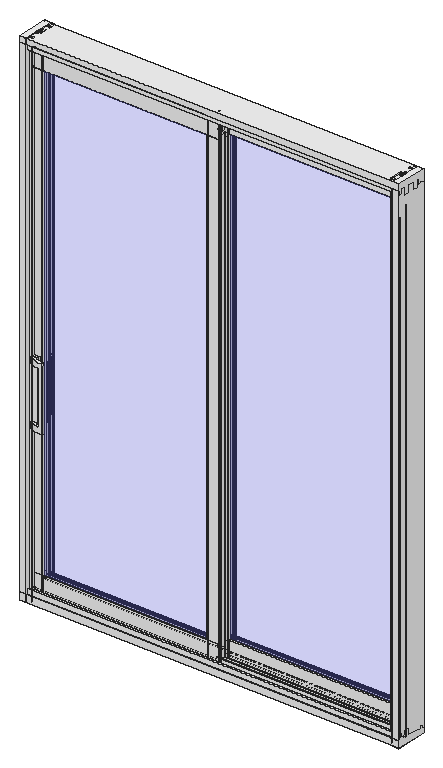
Revit family "Patio-Door_Victorian_OX-Double-Glaze-rev3_Novatech", category Doors, host Wall, Revit 2026
Family settings
  Host = Wall
  Classification Number = 23.30.10.00
  Always vertical = Yes
  Cut with Voids When Loaded = No
  Shared = No
  Room Calculation Point = No
Parameters (values of type "71 1/2"W x 95 1/2"H")
  Width Sash X = (Width / 2) - 3/16"  # 35 9/16"
  Width Sash O = (Width / 2) - 3/16"  # 35 9/16"
  Specification = "https://www.arcat.com/company/novatech-group-51586/spec"
  Product Page URL = "https://www.arcat.com/arcatcos/cos51/arc51586.html"
  Model_Sash to Reference Line = (Width - 2 81/128") / 2  # 34 111/256"
  View Handle = yes
  URL = "https://www.groupenovatech.com/en_canada_ontario/products/patio‐doors/victorian‐pvc.html"
  Thickness = 5 7/8"
  Rough Width = Width + 1/2"  # 72"
  Rough Height = Height + 1/2"  # 96"
  Panel Material = Glass
  Model = "Victorian"
  Manufacturer = "Novatech"
  Look Handle = yes
  Keynote = "08 32 00"
  Height Sash X = Height - 3 3/4"  # 91 3/4"
  Height Sash O = Height - 3 3/4"  # 91 3/4"
  Hardware Material = Aluminum
  Handle Height = 38"
  Function = Interior
  Height = 95 1/2"
  Wall Closure = By host
  Width = 71 1/2"
  Frame Material = Aluminum
  Define Thermal Properties by = Schematic Type
  Copyright = "ARCAT"
  CAD Details = "https://www.arcat.com/company/novatech-group-51586/cad"
  Analytic Construction = "<None>"
Reference planes (in)
  plane 1 "Center (Front/Back)": y = 0
  plane 2 "Center (Left/Right)": x = 0
  plane 3 "Left": x = -35.75
  plane 4 "Right": x = 35.75
  plane 5 "Top": z = 95.5
  plane 6 "Exterior": y = 3
  plane 7 "Interior": y = -3
  plane 8 "Panel 1": y = 0.87562
  plane 9 "Panel 2": y = -1.25339
  plane 10: x = -34.43359
  plane 11: z = 1.8146
  plane 12: z = 93.5646
  plane 13: z = 39.8146
  plane 14: x = 34.43359
  plane 15 "Panel 3": y = 2.75039
Text (in)
  text "Exterior" at (-74.96733, 27.31104, 0), in view "Ref. Level"
  text "Interior" at (-74.96733, -25.14366, 0), in view "Ref. Level"
  text "Exterior" at (0, 40.15149, 123.01588), in view "Right"
  text "Interior" at (0, -64.39139, 123.01588), in view "Right"
  text "Interior" at (0, -31.01599, 123.00693), in view "Left"
  text "Exterior" at (0, 54.57065, 123.00693), in view "Left"
Dimensions and locks (in)
  "Height": level to plane 5 "Top"
  "Width": plane 3 "Left" to plane 4 "Right"
  locked: level to plane 11 at 1.8146
  "Handle Height": plane 13 to plane 11
  plane 3 "Left" to plane 10 = 1 81/256"
  plane 14 to plane 4 "Right" = 1 81/256"
  plane 3 "Left" to plane 4 "Right" = 71 1/2"
  "Model_Sash to Reference Line": plane 10 to plane 2 "Center (Left/Right)"
  locked: plane 3 "Left" to nested 5 at 2.4902
  locked: plane 3 "Left" to nested 4 at 2.4902
  locked: nested 4 to plane 9 "Panel 2" at 0.82364
  locked: plane 9 "Panel 2" to nested 5 at 0.80136
  "Height Sash O": plane 12 to plane 11
  locked: plane 7 "Interior" to plane 9 "Panel 2" at 1.74661
  locked: plane 7 "Interior" to plane 8 "Panel 1" at 3.87562
  "Model_Sash to Reference Line": plane 2 "Center (Left/Right)" to plane 14
  equal spacing: plane 3 "Left", plane 2 "Center (Left/Right)", plane 4 "Right"
  aligned and locked: plane 6 "Exterior" to host wall
  aligned and locked: plane 7 "Interior" to host wall
  aligned and locked: plane 2 "Center (Left/Right)" to nested 1
  aligned and locked: plane 11 to nested 2
  aligned and locked: nested 2 to plane 9 "Panel 2"
  aligned and locked: nested 3 to plane 8 "Panel 1"
  aligned and locked: nested 2 to plane 10
  aligned and locked: nested 2 to plane 2 "Center (Left/Right)"
  aligned and locked: nested 3 to plane 2 "Center (Left/Right)"
  aligned and locked: nested 3 to plane 11
  aligned and locked: plane 12 to nested 2
Nested families (in)
  nested 1: "NOVATECH VICTORIAN_OX-DOUBLE GLAZE REV3_DOOR FRAME" at (0, 0, 0), type "DOOR FRAME"
    with Width 71 1/2"
  nested 2: "NOVATECH VICTORIAN_OX-DOUBLE GLAZE REV3_SASH_X" at (-17.2168, -0.44089, 13.36928), type "SASH_X"
    with Height 91 3/4", Width 34 111/256"
  nested 3: "NOVATECH VICTORIAN_OX-DOUBLE GLAZE REV3_SASH_O" at (17.2168, 1.68813, 1.8146), type "SASH_O"
    with Width 34 111/256"
  nested 4: "NOVATECH VICTORIAN_OX-DOUBLE GLAZE REV3_LOOK HANDLE" at (-33.2598, -2.08723, 29.8146), visible <- "Look Handle", type "LOOK HANDLE"
  nested 5: "NOVATECH VICTORIAN_OX-DOUBLE GLAZE REV3_VIEW HANDLE" at (-33.2598, -2.05475, 29.8146), visible <- "View Handle", type "VIEW HANDLE"
    with Handle Length 12"
Definition of nested family "NOVATECH VICTORIAN_OX-DOUBLE GLAZE REV3_DOOR FRAME"
  Parameters (values of type "NOVATECH_VICTORIAN_DOOR FRAME")
    Function = (empty or 0)
    Height = 95 1/2"
    Wall Closure = (empty or 0)
    Width = 95 27/32"
    Frame Thickness = 5.75039"
    Frame Material = none
    Define Thermal Properties by = 1
    Analytic Construction = "<None>"
  Reference planes (in)
    plane 1 "Center (Front/Back)": y = 0
    plane 2 "Center (Left/Right)": x = 0
    plane 3 "Left": x = -47.92188
    plane 4 "Right": x = 47.92187
    plane 5 "Top": z = 95.5
    plane 6 "Exterior": y = 4
    plane 7 "Interior": y = -4
    plane 8: y = -1.75039
  Lines and regions (in)
    Opening 1
      outline origin (-90, -4, 0) x (1, 0, 0) y (0, 0, 1)
        loop
          line (42.07812, 0) -> (137.92188, 0) -> (137.92188, 95.5) -> (42.07812, 95.5) -> (42.07812, 0)
  Text (in)
    text "Exterior" at (-74.96733, 27.31104, 0), in view "Ref. Level"
    text "Interior" at (-74.96733, -25.14366, 0), in view "Ref. Level"
    text "Exterior" at (0, 40.15149, 123.01588), in view "Right"
    text "Interior" at (0, -64.39139, 123.01588), in view "Right"
    text "Interior" at (0, -31.01599, 123.00693), in view "Left"
    text "Exterior" at (0, 54.57065, 123.00693), in view "Left"
  Dimensions and locks (in)
    equal spacing: plane 3 "Left", plane 2 "Center (Left/Right)", plane 4 "Right"
    "Height": level to plane 5 "Top"
    "Width": plane 3 "Left" to plane 4 "Right"
    aligned and locked: plane 3 "Left" to Opening 1 sketch curve
    aligned and locked: plane 5 "Top" to Opening 1 sketch curve  (x2)
    aligned and locked: Opening 1 sketch curve to plane 4 "Right"
    aligned and locked: Opening 1 sketch curve to level
    aligned and locked: plane 6 "Exterior" to host wall
    aligned and locked: plane 7 "Interior" to host wall
    aligned and locked: nested 1 to level
    aligned and locked: nested 1 to plane 3 "Left"
    aligned and locked: nested 1 to plane 7 "Interior"
    aligned and locked: plane 4 "Right" to nested 2
    aligned and locked: plane 7 "Interior" to nested 2
    aligned and locked: nested 3 to plane 5 "Top"
    aligned and locked: nested 4 to level
    aligned and locked: plane 7 "Interior" to nested 3
    aligned and locked: nested 4 to plane 7 "Interior"
    aligned and locked: nested 1 to plane 5 "Top"
    aligned and locked: plane 4 "Right" to nested 3
    aligned and locked: nested 3 to plane 3 "Left"
    aligned and locked: plane 4 "Right" to nested 4
    aligned and locked: plane 3 "Left" to nested 4
  Nested families (in)
    nested 1: "NOVATECH_VICTORIAN_FRAME_LEFT" at (-47.92188, -4, -8.5) x (0, 1, 0) z (0, 0, 1), type "NOVATECH_VICTORIAN_FRAME_LEFT"
      with Length 95 1/2"
    nested 2: "NOVATECH 650_2 LIGHT_DOOR FRAME_RIGHT1" at (47.92188, 1.875, 0) x (0, -1, 0) z (0, 0, 1), type "NOVATECH 650_2 LIGHT_DOOR FRAME_RIGHT 2"
    nested 3: "HEADER PROFILE" at (-47.92188, -3.8123, 95.5), type "HEADER PROFILE"
      with Length 95 27/32"
    nested 4: "NOVATECH_VICTORIAN_SILL PROFILE" at (47.92188, -4, 0) x (-1, 0, 0) z (0, 0, 1), type "SILL PROFILE"
      with built-in parameter 1001306 7.987 (stored number, unit not read)
  Definition of nested family "NOVATECH_VICTORIAN_FRAME_LEFT"
    Parameters (values of type "NOVATECH_VICTORIAN_FRAME_LEFT")
      Length [instance] = 95 1/2"
      Frame Material = none
      Default Elevation = 0"
    Reference planes (in)
      plane 1 "Center (Front/Back)": y = 0
      plane 2: z = 8.5
      plane 3 "Center (Left/Right)": x = 0
      plane 4: z = 104
    Forms (in)
      Extrusion 1, solid, material <- "Frame Material"
        sketch origin (0, 0, 8.5) x (1, 0, 0) y (0, 1, 0)
          loop
            line (5.875, 0) -> (0, 0) -> (0, -1.125) -> (0.58, -1.125) -> (0.58, -1.925) -> (0.865, -1.925) -> (0.865, -1.8475)
            arc (0.865, -1.8475) -> (0.84, -1.83173) -> (0.815, -1.8475) r 0.0277
            arc (0.815, -1.8475) -> (0.79527, -1.87482) -> (0.765, -1.86) r 0.02615
            line (0.765, -1.86) -> (0.765, -1.68)
            arc (0.765, -1.68) -> (0.79593, -1.66254) -> (0.815, -1.6925) r 0.02581
            arc (0.815, -1.6925) -> (0.84, -1.71029) -> (0.865, -1.6925) r 0.02646
            line (0.865, -1.6925) -> (0.865, -1.125) -> (2.22, -1.125) -> (2.22, -1.225) -> (2.31969, -1.225) -> (2.31969, -1.16729) -> (2.35053, -1.16729) -> (2.35053, -1.31703) -> (2.2574, -1.31703)
            arc (2.2574, -1.31703) -> (2.21826, -1.3303) -> (2.19526, -1.36463) r 0.06435
            arc (2.19526, -1.36463) -> (2.19104, -1.4065) -> (2.20061, -1.44748) r 0.1282
            arc (2.20061, -1.44748) -> (2.23511, -1.48877) -> (2.28665, -1.50423) r 0.0936
            line (2.28665, -1.50423) -> (2.4797, -1.50423)
            arc (2.4797, -1.50423) -> (2.53424, -1.4867) -> (2.56835, -1.44067) r 0.0936
            arc (2.56835, -1.44067) -> (2.57549, -1.40285) -> (2.57108, -1.36463) r 0.1282
            arc (2.57108, -1.36463) -> (2.54809, -1.3303) -> (2.50895, -1.31703) r 0.06435
            line (2.50895, -1.31703) -> (2.38053, -1.31703) -> (2.38053, -1.16729) -> (2.4525, -1.16729) -> (2.4525, -1.225) -> (2.56, -1.225) -> (2.56, -1.125) -> (2.63, -1.125) -> (2.63, -1.6925)
            arc (2.63, -1.6925) -> (2.655, -1.70907) -> (2.68, -1.6925) r 0.02715
            arc (2.68, -1.6925) -> (2.69908, -1.66256) -> (2.73, -1.68) r 0.02581
            line (2.73, -1.68) -> (2.73, -1.86)
            arc (2.73, -1.86) -> (2.69908, -1.87744) -> (2.68, -1.8475) r 0.02581
            arc (2.68, -1.8475) -> (2.655, -1.83034) -> (2.63, -1.8475) r 0.02679
            line (2.63, -1.8475) -> (2.63, -1.925) -> (3, -1.925) -> (3, -1.8475)
            arc (3, -1.8475) -> (2.975, -1.83034) -> (2.95, -1.8475) r 0.02679
            arc (2.95, -1.8475) -> (2.93092, -1.87744) -> (2.9, -1.86) r 0.02581
            line (2.9, -1.86) -> (2.9, -1.68)
            arc (2.9, -1.68) -> (2.93092, -1.66256) -> (2.95, -1.6925) r 0.02581
            arc (2.95, -1.6925) -> (2.975, -1.70907) -> (3, -1.6925) r 0.02715
            line (3, -1.6925) -> (3, -1.125) -> (3.07, -1.125) -> (3.07, -1.225) -> (3.16969, -1.225) -> (3.16969, -1.16729) -> (3.20053, -1.16729) -> (3.20053, -1.31703) -> (3.10933, -1.31703)
            arc (3.10933, -1.31703) -> (3.07019, -1.3303) -> (3.04719, -1.36463) r 0.06435
            arc (3.04719, -1.36463) -> (3.04279, -1.40285) -> (3.04993, -1.44067) r 0.1282
            arc (3.04993, -1.44067) -> (3.08403, -1.4867) -> (3.13858, -1.50423) r 0.0936
            line (3.13858, -1.50423) -> (3.33163, -1.50423)
            arc (3.33163, -1.50423) -> (3.38317, -1.48877) -> (3.41767, -1.44748) r 0.0936
            arc (3.41767, -1.44748) -> (3.42724, -1.4065) -> (3.42301, -1.36463) r 0.1282
            arc (3.42301, -1.36463) -> (3.40002, -1.3303) -> (3.36088, -1.31703) r 0.06435
            line (3.36088, -1.31703) -> (3.23053, -1.31703) -> (3.23053, -1.16729) -> (3.3025, -1.16729) -> (3.3025, -1.225) -> (3.41, -1.225) -> (3.41, -1.125) -> (4.765, -1.125) -> (4.765, -1.6925)
            arc (4.765, -1.6925) -> (4.79, -1.71029) -> (4.815, -1.6925) r 0.02646
            arc (4.815, -1.6925) -> (4.83407, -1.66254) -> (4.865, -1.68) r 0.02581
            line (4.865, -1.68) -> (4.865, -1.86)
            arc (4.865, -1.86) -> (4.83473, -1.87482) -> (4.815, -1.8475) r 0.02615
            arc (4.815, -1.8475) -> (4.79073, -1.83174) -> (4.76566, -1.8462) r 0.0277
            arc (4.76566, -1.8462) -> (4.76218, -1.86297) -> (4.75, -1.875) r 0.02958
            line (4.75, -1.875) -> (4.715, -1.875)
            arc (4.715, -1.875) -> (4.69942, -1.9) -> (4.715, -1.925) r 0.02785
            line (4.715, -1.925) -> (5.05, -1.925) -> (5.05, -1.125) -> (5.675, -1.125) -> (5.675, -1.75) -> (5.875, -1.75) -> (5.875, 0)
        from 0 to 95.5
    Dimensions and locks (in)
      "Length": plane 4 to plane 2
      aligned and locked: plane 4 to Extrusion 1
      aligned and locked: Extrusion 1 to plane 2
      aligned and locked: plane 2 to level
    Automatic sketch dimensions
      Extrusion 1 sketch curve to plane 3 "Center (Left/Right)" = 0"
      Extrusion 1 sketch curve to Extrusion 1 sketch curve = 0.02393"  (x2)
      Extrusion 1 sketch curve to Extrusion 1 sketch curve = 0.02467"  (x2)
      Extrusion 1 sketch curve to Extrusion 1 sketch curve = 0.05107"
      Extrusion 1 sketch curve to Extrusion 1 sketch curve = 0.05033"  (x2)
      Extrusion 1 sketch curve to Extrusion 1 sketch curve = 0.285"  (x2)
      Extrusion 1 sketch curve to Extrusion 1 sketch curve = 0.025"  (x7)
      Extrusion 1 sketch curve to Extrusion 1 sketch curve = 1.355"
      Extrusion 1 sketch curve to Extrusion 1 sketch curve = 0.0374"
      Extrusion 1 sketch curve to Extrusion 1 sketch curve = 0.02925"  (x8)
      Extrusion 1 sketch curve to Extrusion 1 sketch curve = 0.03233"  (x4)
      Extrusion 1 sketch curve to Extrusion 1 sketch curve = 0.09969"  (x2)
      Extrusion 1 sketch curve to Extrusion 1 sketch curve = 0.03156"
      Extrusion 1 sketch curve to Extrusion 1 sketch curve = 0.03"  (x2)
      Extrusion 1 sketch curve to Extrusion 1 sketch curve = 0.06684"
      Extrusion 1 sketch curve to Extrusion 1 sketch curve = 0.07197"  (x2)
      Extrusion 1 sketch curve to Extrusion 1 sketch curve = 0.1075"  (x2)
      Extrusion 1 sketch curve to Extrusion 1 sketch curve = 0.07"  (x2)
      Extrusion 1 sketch curve to Extrusion 1 sketch curve = 0.05034"  (x4)
      Extrusion 1 sketch curve to Extrusion 1 sketch curve = 0.02466"  (x3)
      Extrusion 1 sketch curve to Extrusion 1 sketch curve = 0.03933"
      Extrusion 1 sketch curve to Extrusion 1 sketch curve = 0.02962"
      Extrusion 1 sketch curve to Extrusion 1 sketch curve = 0.06877"
      Extrusion 1 sketch curve to Extrusion 1 sketch curve = 0.01227"  (x2)
      Extrusion 1 sketch curve to Extrusion 1 sketch curve = 0.0212"
      Extrusion 1 sketch curve to Extrusion 1 sketch curve = 5/8"  (x2)
      Extrusion 1 sketch curve to Extrusion 1 sketch curve = 0.06556"
      Extrusion 1 sketch curve to Extrusion 1 sketch curve = 0.06787"  (x2)
      Extrusion 1 sketch curve to Extrusion 1 sketch curve = 0.0076"  (x4)
      Extrusion 1 sketch curve to Extrusion 1 sketch curve = 0.01055"  (x2)
      Extrusion 1 sketch curve to Extrusion 1 sketch curve = 0.00963"  (x2)
      Extrusion 1 sketch curve to Extrusion 1 sketch curve = 0.01194"
      Extrusion 1 sketch curve to Extrusion 1 sketch curve = 0.155"  (x2)
      Extrusion 1 sketch curve to Extrusion 1 sketch curve = 0.0049"  (x2)
      Extrusion 1 sketch curve to Extrusion 1 sketch curve = 0.00493"  (x2)
      Extrusion 1 sketch curve to Extrusion 1 sketch curve = 0.00866"  (x2)
      Extrusion 1 sketch curve to Extrusion 1 sketch curve = 0.01058"  (x2)
      Extrusion 1 sketch curve to Extrusion 1 sketch curve = 0.00757"  (x2)
      Extrusion 1 sketch curve to Extrusion 1 sketch curve = 0.18827"  (x2)
      Extrusion 1 sketch curve to Extrusion 1 sketch curve = 0.0936"  (x3)
      Extrusion 1 sketch curve to Extrusion 1 sketch curve = 0.01238"  (x4)
      Extrusion 1 sketch curve to Extrusion 1 sketch curve = 0.06435"  (x3)
      Extrusion 1 sketch curve to Extrusion 1 sketch curve = 0"  (x4)
      Extrusion 1 sketch curve to Extrusion 1 sketch curve = 0.09203"  (x4)
      Extrusion 1 sketch curve to Extrusion 1 sketch curve = 0.05771"  (x4)
      Extrusion 1 sketch curve to Extrusion 1 sketch curve = 0.1"  (x6)
      Extrusion 1 sketch curve to Extrusion 1 sketch curve = 0.06213"  (x2)
      Extrusion 1 sketch curve to Extrusion 1 sketch curve = 0.05679"
      plane 1 "Center (Front/Back)" to Extrusion 1 sketch curve = 0"
      Extrusion 1 sketch curve to Extrusion 1 sketch curve = 0.58"
      Extrusion 1 sketch curve to Extrusion 1 sketch curve = 0.17"
      Extrusion 1 sketch curve to Extrusion 1 sketch curve = 1.29732"
      Extrusion 1 sketch curve to Extrusion 1 sketch curve = 0.0138"
      Extrusion 1 sketch curve to Extrusion 1 sketch curve = 0.0288"
      Extrusion 1 sketch curve to Extrusion 1 sketch curve = 0.04"
      Extrusion 1 sketch curve to Extrusion 1 sketch curve = 0.2"
      plane 1 "Center (Front/Back)" to Extrusion 1 sketch curve = 1 1/8"
      Extrusion 1 sketch curve to Extrusion 1 sketch curve = 0.04229"
      Extrusion 1 sketch curve to Extrusion 1 sketch curve = 0.555"  (x2)
      Extrusion 1 sketch curve to Extrusion 1 sketch curve = 0.15633"
      Extrusion 1 sketch curve to Extrusion 1 sketch curve = 0.00998"  (x2)
      Extrusion 1 sketch curve to Extrusion 1 sketch curve = 0.00062"
      Extrusion 1 sketch curve to Extrusion 1 sketch curve = 0.00472"  (x2)
      Extrusion 1 sketch curve to Extrusion 1 sketch curve = 0.02617"
      Extrusion 1 sketch curve to Extrusion 1 sketch curve = 0.0594"
      Extrusion 1 sketch curve to Extrusion 1 sketch curve = 0.02434"
  Definition of nested family "NOVATECH 650_2 LIGHT_DOOR FRAME_RIGHT1"
    Parameters (values of type "NOVATECH 650_2 LIGHT_DOOR FRAME_RIGHT")
      Length = 95 1/2"
      Frame Material = none
      Default Elevation = 0"
    Reference planes (in)
      plane 1 "Center (Front/Back)": y = 0
      plane 2: z = 0
      plane 3 "Center (Left/Right)": x = 0
      plane 4: z = 95.5
    Forms (in)
      Extrusion 1, solid, material <- "Frame Material"
        sketch origin (0, 0, 0) x (1, 0, 0) y (0, 1, 0)
          loop
            line (0, 0) -> (0, -1.75) -> (0.2, -1.75) -> (0.2, -1.125) -> (0.825, -1.125) -> (0.825, -1.925) -> (1.16, -1.925)
            arc (1.16, -1.925) -> (1.17558, -1.9) -> (1.16, -1.875) r 0.02785
            line (1.16, -1.875) -> (1.125, -1.875)
            arc (1.125, -1.875) -> (1.11281, -1.86297) -> (1.10934, -1.8462) r 0.02958
            arc (1.10934, -1.8462) -> (1.08427, -1.83174) -> (1.06, -1.8475) r 0.0277
            arc (1.06, -1.8475) -> (1.04027, -1.87482) -> (1.01, -1.86) r 0.02615
            line (1.01, -1.86) -> (1.01, -1.68)
            arc (1.01, -1.68) -> (1.04093, -1.66254) -> (1.06, -1.6925) r 0.02581
            arc (1.06, -1.6925) -> (1.085, -1.71029) -> (1.11, -1.6925) r 0.02646
            line (1.11, -1.6925) -> (1.11, -1.125) -> (2.465, -1.125) -> (2.465, -1.225) -> (2.5725, -1.225) -> (2.5725, -1.16729) -> (2.64447, -1.16729) -> (2.64447, -1.31703) -> (2.51411, -1.31703)
            arc (2.51411, -1.31703) -> (2.47498, -1.3303) -> (2.45198, -1.36463) r 0.06435
            arc (2.45198, -1.36463) -> (2.44776, -1.4065) -> (2.45732, -1.44748) r 0.1282
            arc (2.45732, -1.44748) -> (2.49183, -1.48877) -> (2.54337, -1.50423) r 0.0936
            line (2.54337, -1.50423) -> (2.73642, -1.50423)
            arc (2.73642, -1.50423) -> (2.79096, -1.4867) -> (2.82507, -1.44067) r 0.0936
            arc (2.82507, -1.44067) -> (2.83221, -1.40285) -> (2.8278, -1.36463) r 0.1282
            arc (2.8278, -1.36463) -> (2.8048, -1.3303) -> (2.76567, -1.31703) r 0.06435
            line (2.76567, -1.31703) -> (2.67447, -1.31703) -> (2.67447, -1.16729) -> (2.70531, -1.16729) -> (2.70531, -1.225) -> (2.805, -1.225) -> (2.805, -1.125) -> (2.875, -1.125) -> (2.875, -1.6925)
            arc (2.875, -1.6925) -> (2.9, -1.70907) -> (2.925, -1.6925) r 0.02715
            arc (2.925, -1.6925) -> (2.94408, -1.66256) -> (2.975, -1.68) r 0.02581
            line (2.975, -1.68) -> (2.975, -1.86)
            arc (2.975, -1.86) -> (2.94408, -1.87744) -> (2.925, -1.8475) r 0.02581
            arc (2.925, -1.8475) -> (2.9, -1.83034) -> (2.875, -1.8475) r 0.02679
            line (2.875, -1.8475) -> (2.875, -1.925) -> (3.245, -1.925) -> (3.245, -1.8475)
            arc (3.245, -1.8475) -> (3.22, -1.83034) -> (3.195, -1.8475) r 0.02679
            arc (3.195, -1.8475) -> (3.17592, -1.87744) -> (3.145, -1.86) r 0.02581
            line (3.145, -1.86) -> (3.145, -1.68)
            arc (3.145, -1.68) -> (3.17592, -1.66256) -> (3.195, -1.6925) r 0.02581
            arc (3.195, -1.6925) -> (3.22, -1.70907) -> (3.245, -1.6925) r 0.02715
            line (3.245, -1.6925) -> (3.245, -1.125) -> (3.315, -1.125) -> (3.315, -1.225) -> (3.4225, -1.225) -> (3.4225, -1.16729) -> (3.49447, -1.16729) -> (3.49447, -1.31703) -> (3.36605, -1.31703)
            arc (3.36605, -1.31703) -> (3.32691, -1.3303) -> (3.30391, -1.36463) r 0.06435
            arc (3.30391, -1.36463) -> (3.29951, -1.40285) -> (3.30664, -1.44067) r 0.1282
            arc (3.30664, -1.44067) -> (3.34075, -1.4867) -> (3.3953, -1.50423) r 0.0936
            line (3.3953, -1.50423) -> (3.58835, -1.50423)
            arc (3.58835, -1.50423) -> (3.63988, -1.48877) -> (3.67439, -1.44748) r 0.0936
            arc (3.67439, -1.44748) -> (3.68395, -1.4065) -> (3.67973, -1.36463) r 0.1282
            arc (3.67973, -1.36463) -> (3.65674, -1.3303) -> (3.6176, -1.31703) r 0.06435
            line (3.6176, -1.31703) -> (3.52447, -1.31703) -> (3.52447, -1.16729) -> (3.55531, -1.16729) -> (3.55531, -1.225) -> (3.655, -1.225) -> (3.655, -1.125) -> (5.01, -1.125) -> (5.01, -1.6925)
            arc (5.01, -1.6925) -> (5.035, -1.71029) -> (5.06, -1.6925) r 0.02646
            arc (5.06, -1.6925) -> (5.07907, -1.66254) -> (5.11, -1.68) r 0.02581
            line (5.11, -1.68) -> (5.11, -1.86)
            arc (5.11, -1.86) -> (5.07973, -1.87482) -> (5.06, -1.8475) r 0.02615
            arc (5.06, -1.8475) -> (5.035, -1.83173) -> (5.01, -1.8475) r 0.0277
            line (5.01, -1.8475) -> (5.01, -1.925) -> (5.295, -1.925) -> (5.295, -1.125) -> (5.875, -1.125) -> (5.875, 0) -> (0, 0)
          loop
            line (4.96515, -1.93418) -> (3.30015, -1.93418) -> (3.30015, -1.78418)
            arc (3.30015, -1.78418) -> (3.28149, -1.75641) -> (3.24873, -1.76317) r 0.03
            line (3.24873, -1.76317) -> (3.19131, -1.82169) -> (3.25515, -1.82169) -> (3.25515, -1.93996) -> (3.10858, -1.93356)
            arc (3.10858, -1.93356) -> (3.14407, -1.98804) -> (3.20556, -2.00918) r 0.1
            line (3.20556, -2.00918) -> (5.05973, -2.00918)
            arc (5.05973, -2.00918) -> (5.12122, -1.98804) -> (5.15671, -1.93356) r 0.1
            line (5.15671, -1.93356) -> (5.00218, -1.9403) -> (5.00218, -1.82096) -> (5.07326, -1.82096) -> (5.01656, -1.76317)
            arc (5.01656, -1.76317) -> (4.9838, -1.75641) -> (4.96515, -1.78418) r 0.03
            line (4.96515, -1.78418) -> (4.96515, -1.93418)
        from 0 to 95.5
    Dimensions and locks (in)
      "Length": plane 4 to level
      aligned and locked: plane 2 to level
      aligned and locked: Extrusion 1 to level
      aligned and locked: plane 4 to Extrusion 1
    Automatic sketch dimensions
      Extrusion 1 sketch curve to Extrusion 1 sketch curve = 0.2"
      Extrusion 1 sketch curve to Extrusion 1 sketch curve = 5/8"
      Extrusion 1 sketch curve to Extrusion 1 sketch curve = 0.185"
      Extrusion 1 sketch curve to Extrusion 1 sketch curve = 0.02393"  (x2)
      Extrusion 1 sketch curve to Extrusion 1 sketch curve = 0.02467"
      Extrusion 1 sketch curve to Extrusion 1 sketch curve = 0.05033"  (x2)
      Extrusion 1 sketch curve to Extrusion 1 sketch curve = 0.05107"
      Extrusion 1 sketch curve to Extrusion 1 sketch curve = 0.285"  (x2)
      Extrusion 1 sketch curve to Extrusion 1 sketch curve = 0.04"
      Extrusion 1 sketch curve to Extrusion 1 sketch curve = 0.0138"
      Extrusion 1 sketch curve to Extrusion 1 sketch curve = 0.02273"
      Extrusion 1 sketch curve to Extrusion 1 sketch curve = 0.01227"  (x2)
      Extrusion 1 sketch curve to Extrusion 1 sketch curve = 1.355"
      Extrusion 1 sketch curve to Extrusion 1 sketch curve = 0.04912"
      Extrusion 1 sketch curve to Extrusion 1 sketch curve = 0.02925"  (x6)
      Extrusion 1 sketch curve to Extrusion 1 sketch curve = 0.1075"  (x2)
      Extrusion 1 sketch curve to Extrusion 1 sketch curve = 0.03233"  (x4)
      Extrusion 1 sketch curve to Extrusion 1 sketch curve = 0.06877"
      Extrusion 1 sketch curve to Extrusion 1 sketch curve = 0.03"  (x3)
      Extrusion 1 sketch curve to Extrusion 1 sketch curve = 0.02962"
      Extrusion 1 sketch curve to Extrusion 1 sketch curve = 0.03084"  (x2)
      Extrusion 1 sketch curve to Extrusion 1 sketch curve = 0.0912"
      Extrusion 1 sketch curve to Extrusion 1 sketch curve = 0.09969"
      Extrusion 1 sketch curve to Extrusion 1 sketch curve = 0.07"  (x2)
      Extrusion 1 sketch curve to Extrusion 1 sketch curve = 0"  (x5)
      Extrusion 1 sketch curve to Extrusion 1 sketch curve = 0.025"  (x5)
      Extrusion 1 sketch curve to Extrusion 1 sketch curve = 0.05034"  (x3)
      Extrusion 1 sketch curve to Extrusion 1 sketch curve = 0.02466"  (x3)
      plane 1 "Center (Front/Back)" to Extrusion 1 sketch curve = 1.93356"  (x2)
      Extrusion 1 sketch curve to Extrusion 1 sketch curve = 0.13358"
      Extrusion 1 sketch curve to Extrusion 1 sketch curve = 0.03642"
      plane 1 "Center (Front/Back)" to Extrusion 1 sketch curve = 1.82169"
      Extrusion 1 sketch curve to Extrusion 1 sketch curve = 0.02165"
      Extrusion 1 sketch curve to Extrusion 1 sketch curve = 0.09698"
      Extrusion 1 sketch curve to Extrusion 1 sketch curve = 0.02869"
      Extrusion 1 sketch curve to Extrusion 1 sketch curve = 0.37"
      Extrusion 1 sketch curve to Extrusion 1 sketch curve = 0.03944"
      plane 1 "Center (Front/Back)" to Extrusion 1 sketch curve = 1.76317"  (x2)
      Extrusion 1 sketch curve to Extrusion 1 sketch curve = 0.00373"
      plane 1 "Center (Front/Back)" to Extrusion 1 sketch curve = 1.93996"
      Extrusion 1 sketch curve to Extrusion 1 sketch curve = 0.01015"
      Extrusion 1 sketch curve to Extrusion 1 sketch curve = 0.02141"  (x2)
      Extrusion 1 sketch curve to Extrusion 1 sketch curve = 0.045"
      Extrusion 1 sketch curve to Extrusion 1 sketch curve = 0.05105"
      Extrusion 1 sketch curve to Extrusion 1 sketch curve = 0.07197"
      Extrusion 1 sketch curve to Extrusion 1 sketch curve = 0.03156"
      Extrusion 1 sketch curve to Extrusion 1 sketch curve = 0.09313"
      Extrusion 1 sketch curve to Extrusion 1 sketch curve = 0.0374"
      Extrusion 1 sketch curve to Extrusion 1 sketch curve = 1.3768"
      Extrusion 1 sketch curve to Extrusion 1 sketch curve = 0.00704"
      Extrusion 1 sketch curve to Extrusion 1 sketch curve = 0.01485"
      Extrusion 1 sketch curve to Extrusion 1 sketch curve = 1/128"
      Extrusion 1 sketch curve to Extrusion 1 sketch curve = 0.05755"
      Extrusion 1 sketch curve to Extrusion 1 sketch curve = 0.03826"
      Extrusion 1 sketch curve to Extrusion 1 sketch curve = 0.01281"
      Extrusion 1 sketch curve to Extrusion 1 sketch curve = 0.04672"
      Extrusion 1 sketch curve to Extrusion 1 sketch curve = 0.58"
      Extrusion 1 sketch curve to Extrusion 1 sketch curve = 0.06922"
      Extrusion 1 sketch curve to Extrusion 1 sketch curve = 0.03112"
      Extrusion 1 sketch curve to Extrusion 1 sketch curve = 0.00578"
      Extrusion 1 sketch curve to Extrusion 1 sketch curve = 0.00856"  (x2)
      Extrusion 1 sketch curve to Extrusion 1 sketch curve = 0.01496"
      Extrusion 1 sketch curve to Extrusion 1 sketch curve = 0.0383"
      Extrusion 1 sketch curve to Extrusion 1 sketch curve = 0.04918"
      Extrusion 1 sketch curve to Extrusion 1 sketch curve = 0.015"
      Extrusion 1 sketch curve to Extrusion 1 sketch curve = 0.065"
      Extrusion 1 sketch curve to Extrusion 1 sketch curve = 0.04975"
      Extrusion 1 sketch curve to Extrusion 1 sketch curve = 0.01556"
      Extrusion 1 sketch curve to Extrusion 1 sketch curve = 0.06787"
      Extrusion 1 sketch curve to Extrusion 1 sketch curve = 0.03543"
      Extrusion 1 sketch curve to Extrusion 1 sketch curve = 0.0076"  (x4)
      Extrusion 1 sketch curve to Extrusion 1 sketch curve = 0.01055"  (x2)
      Extrusion 1 sketch curve to Extrusion 1 sketch curve = 0.02617"
      Extrusion 1 sketch curve to Extrusion 1 sketch curve = 0.00963"  (x2)
      Extrusion 1 sketch curve to Extrusion 1 sketch curve = 0.01194"
      Extrusion 1 sketch curve to Extrusion 1 sketch curve = 0.02654"
      Extrusion 1 sketch curve to Extrusion 1 sketch curve = 0.175"
      Extrusion 1 sketch curve to Extrusion 1 sketch curve = 0.155"
      Extrusion 1 sketch curve to Extrusion 1 sketch curve = 0.07067"  (x2)
      Extrusion 1 sketch curve to Extrusion 1 sketch curve = 0.15633"
      Extrusion 1 sketch curve to Extrusion 1 sketch curve = 0.0049"  (x2)
      Extrusion 1 sketch curve to Extrusion 1 sketch curve = 0.00493"  (x2)
      Extrusion 1 sketch curve to Extrusion 1 sketch curve = 0.00866"  (x2)
      Extrusion 1 sketch curve to Extrusion 1 sketch curve = 0.01058"  (x2)
      Extrusion 1 sketch curve to Extrusion 1 sketch curve = 0.00757"  (x2)
      Extrusion 1 sketch curve to Extrusion 1 sketch curve = 0.18827"  (x2)
      Extrusion 1 sketch curve to Extrusion 1 sketch curve = 0.0936"  (x4)
      Extrusion 1 sketch curve to Extrusion 1 sketch curve = 0.01238"  (x4)
      Extrusion 1 sketch curve to Extrusion 1 sketch curve = 0.06435"  (x3)
      Extrusion 1 sketch curve to Extrusion 1 sketch curve = 0.09203"  (x4)
      Extrusion 1 sketch curve to Extrusion 1 sketch curve = 0.05771"  (x3)
      Extrusion 1 sketch curve to Extrusion 1 sketch curve = 0.555"  (x2)
      Extrusion 1 sketch curve to Extrusion 1 sketch curve = 0.1"  (x2)
      Extrusion 1 sketch curve to Extrusion 1 sketch curve = 1 1/8"
      Extrusion 1 sketch curve to Extrusion 1 sketch curve = 0.02607"
      Extrusion 1 sketch curve to Extrusion 1 sketch curve = 0.06213"  (x2)
      Extrusion 1 sketch curve to Extrusion 1 sketch curve = 0.0594"
      Extrusion 1 sketch curve to Extrusion 1 sketch curve = 0.05679"
      plane 3 "Center (Left/Right)" to Extrusion 1 sketch curve = 0"
  Definition of nested family "HEADER PROFILE"
    Parameters (values of type "HEADER PROFILE")
      Length [instance] = 12"
      Frame Material = none
      Default Elevation = 0"
    Reference planes (in)
      plane 1 "Center (Front/Back)": y = -0.1877
      plane 2: z = 0
      plane 3 "Center (Left/Right)": x = 0
      plane 4: x = 12
    Forms (in)
      Extrusion 1, solid, material <- "Frame Material"
        sketch origin (0, 0, -4.50465) x (0, 1, 0) y (0, 0, 1)
          loop
            line (5.68715, 4.50465) -> (-0.1877, 4.50465) -> (-0.1877, 3.37965) -> (0.09225, 3.37965) -> (0.09225, 2.5047) -> (0.37723, 2.5047) -> (0.37723, 3.37965) -> (1.18488, 3.37965) -> (1.18488, 2.12465)
            arc (1.18488, 2.12465) -> (1.20829, 2.06813) -> (1.2648, 2.04473) r 0.07992
            line (1.2648, 2.04473) -> (1.8548, 2.04473)
            arc (1.8548, 2.04473) -> (1.91132, 2.06813) -> (1.93473, 2.12465) r 0.07992
            line (1.93473, 2.12465) -> (1.93473, 3.37965) -> (3.31973, 3.37965) -> (3.31973, 2.12465)
            arc (3.31973, 2.12465) -> (3.34314, 2.06813) -> (3.39965, 2.04473) r 0.07992
            line (3.39965, 2.04473) -> (4.01973, 2.04473)
            arc (4.01973, 2.04473) -> (4.07624, 2.06813) -> (4.09965, 2.12465) r 0.07992
            line (4.09965, 2.12465) -> (4.09965, 3.37965) -> (4.57715, 3.37965) -> (4.57715, 2.5047) -> (4.86212, 2.5047) -> (4.86212, 2.8847)
            arc (4.86212, 2.8847) -> (4.8797, 2.92713) -> (4.92212, 2.9447) r 0.06
            line (4.92212, 2.9447) -> (5.08212, 2.9447)
            arc (5.08212, 2.9447) -> (5.12455, 2.92713) -> (5.14212, 2.8847) r 0.06
            line (5.14212, 2.8847) -> (5.14212, 2.7272)
            arc (5.14212, 2.7272) -> (5.17462, 2.6947) -> (5.20712, 2.7272) r 0.0325
            line (5.20712, 2.7272) -> (5.20712, 2.8847)
            arc (5.20712, 2.8847) -> (5.2247, 2.92713) -> (5.26712, 2.9447) r 0.06
            line (5.26712, 2.9447) -> (5.42712, 2.9447)
            arc (5.42712, 2.9447) -> (5.46955, 2.92713) -> (5.48712, 2.8847) r 0.06
            line (5.48712, 2.8847) -> (5.48712, 2.5047) -> (5.68715, 2.5047) -> (5.68715, 4.50465)
        from 0 to 12
    Dimensions and locks (in)
      "Length": plane 3 "Center (Left/Right)" to plane 4
      aligned and locked: plane 2 to level
      aligned and locked: Extrusion 1 to plane 4
      aligned and locked: Extrusion 1 to plane 3 "Center (Left/Right)"
    Automatic sketch dimensions
      Extrusion 1 sketch curve to plane 1 "Center (Front/Back)" = 0"
      Extrusion 1 sketch curve to Extrusion 1 sketch curve = 0.27995"
      Extrusion 1 sketch curve to Extrusion 1 sketch curve = 0.28497"  (x2)
      Extrusion 1 sketch curve to Extrusion 1 sketch curve = 0.80765"
      Extrusion 1 sketch curve to Extrusion 1 sketch curve = 0.07992"  (x4)
      Extrusion 1 sketch curve to Extrusion 1 sketch curve = 0.59"
      Extrusion 1 sketch curve to Extrusion 1 sketch curve = 0.74985"
      Extrusion 1 sketch curve to Extrusion 1 sketch curve = 1.385"
      Extrusion 1 sketch curve to Extrusion 1 sketch curve = 0.62008"
      Extrusion 1 sketch curve to Extrusion 1 sketch curve = 0.4775"
      Extrusion 1 sketch curve to Extrusion 1 sketch curve = 0.06"  (x3)
      Extrusion 1 sketch curve to Extrusion 1 sketch curve = 0.16"  (x2)
      Extrusion 1 sketch curve to Extrusion 1 sketch curve = 0.0325"
      Extrusion 1 sketch curve to Extrusion 1 sketch curve = 0.28"
      Extrusion 1 sketch curve to Extrusion 1 sketch curve = 1.11"
      Extrusion 1 sketch curve to level = 2.45992"
      Extrusion 1 sketch curve to Extrusion 1 sketch curve = 0.38005"  (x3)
      Extrusion 1 sketch curve to Extrusion 1 sketch curve = 0.2225"
      Extrusion 1 sketch curve to Extrusion 1 sketch curve = 0.1575"
      Extrusion 1 sketch curve to Extrusion 1 sketch curve = 0"  (x3)
      Extrusion 1 sketch curve to Extrusion 1 sketch curve = 0.49495"
      Extrusion 1 sketch curve to Extrusion 1 sketch curve = 0.87495"
      Extrusion 1 sketch curve to level = 0"
  Definition of nested family "NOVATECH_VICTORIAN_SILL PROFILE"
    Parameters (values of type "SILL PROFILE")
      built-in parameter 1001306 [instance] = 54"
      Frame Material = none
      Default Elevation = 0"
    Reference planes (in)
      plane 1 "Center (Front/Back)": y = 0
      plane 2: z = 0
      plane 3 "Left": x = 0
      plane 4 "Right": x = 54
    Forms (in)
      Extrusion 1, solid, material <- "Frame Material"
        sketch origin (0, 0, 0) x (0, 1, 0) y (0, 0, 1)
          loop
            line (0, 0) -> (0, 1.3125) -> (-0.28, 1.3125) -> (-0.28, 2.2285) -> (-0.565, 2.2285) -> (-0.565, 1.70185) -> (-1.185, 1.61472) -> (-1.185, 1.53898) -> (-1.065, 1.55585) -> (-1.065, 1.31712) -> (-1.3725, 1.17268) -> (-1.3725, 2.31958) -> (-1.64081, 2.31958) -> (-1.66399, 2.36594)
            arc (-1.66399, 2.36594) -> (-1.74569, 2.58889) -> (-1.82197, 2.36403) r 0.12589
            line (-1.82197, 2.36403) -> (-1.85161, 2.31958) -> (-2.1225, 2.31958) -> (-2.1225, 1.41166) -> (-3.015, 1.28623) -> (-3.015, 1.20999) -> (-2.955, 1.21842) -> (-2.955, 1.13123) -> (-3.15, 1.13123) -> (-3.15, 1.26725) -> (-4.62, 1.06066) -> (-4.62, 0.90299) -> (-4.79, 0.90299) -> (-4.79, 0.9765) -> (-4.735, 0.98423) -> (-4.735, 1.0445) -> (-5.29832, 0.96533)
            arc (-5.29832, 0.96533) -> (-5.32218, 0.97239) -> (-5.3325, 0.99503) r 0.03
            line (-5.3325, 0.99503) -> (-5.3325, 1.3365)
            arc (-5.3325, 1.3365) -> (-5.3625, 1.44846) -> (-5.3925, 1.3365) r 0.06
            line (-5.3925, 1.3365) -> (-5.3925, 0.97817)
            arc (-5.3925, 0.97817) -> (-5.39986, 0.95849) -> (-5.41832, 0.94846) r 0.03
            line (-5.41832, 0.94846) -> (-5.80613, 0.89396)
            arc (-5.80613, 0.89396) -> (-5.85024, 0.75687) -> (-5.71535, 0.80729) r 0.08
            arc (-5.71535, 0.80729) -> (-5.70173, 0.83716) -> (-5.67252, 0.85215) r 0.05
            line (-5.67252, 0.85215) -> (-5.62, 0.85953) -> (-5.62, 0.81474)
            arc (-5.62, 0.81474) -> (-5.67126, 0.69099) -> (-5.795, 0.63974) r 0.175
            line (-5.795, 0.63974) -> (-5.875, 0.63974) -> (-5.875, 0) -> (0, 0)
        from 0 to 54
    Lines and regions (in)
      reference lines
        curve 1: line (0, 0, 0) -> (54, 0, 0)
    Dimensions and locks (in)
      "built-in parameter 1001306": plane 3 "Left" to plane 4 "Right"
      aligned and locked: plane 4 "Right" to curve 1
      aligned and locked: plane 1 "Center (Front/Back)" to curve 1
      aligned and locked: plane 3 "Left" to curve 1
      aligned and locked: level to plane 2
      aligned and locked: Extrusion 1 to curve 1
      aligned and locked: Extrusion 1 to plane 3 "Left"
    Automatic sketch dimensions
      Extrusion 1 sketch curve to Extrusion 1 sketch curve = 0"  (x2)
      level to Extrusion 1 sketch curve = 0.63974"
      plane 1 "Center (Front/Back)" to Extrusion 1 sketch curve = 5 7/8"
      level to Extrusion 1 sketch curve = 0.89396"
      Extrusion 1 sketch curve to Extrusion 1 sketch curve = 0.06887"
      Extrusion 1 sketch curve to Extrusion 1 sketch curve = 0.08"
      level to Extrusion 1 sketch curve = 0.85215"
      Extrusion 1 sketch curve to Extrusion 1 sketch curve = 0.12248"
      Extrusion 1 sketch curve to Extrusion 1 sketch curve = 0.00696"
      Extrusion 1 sketch curve to Extrusion 1 sketch curve = 0.04556"
      Extrusion 1 sketch curve to Extrusion 1 sketch curve = 0.1975"
      level to Extrusion 1 sketch curve = 0.94846"
      Extrusion 1 sketch curve to Extrusion 1 sketch curve = 0.00418"  (x2)
      Extrusion 1 sketch curve to Extrusion 1 sketch curve = 0.03"  (x3)
      Extrusion 1 sketch curve to Extrusion 1 sketch curve = 0.06"  (x2)
      level to Extrusion 1 sketch curve = 0.96533"
      Extrusion 1 sketch curve to Extrusion 1 sketch curve = 0.50832"
      Extrusion 1 sketch curve to Extrusion 1 sketch curve = 0.055"
      Extrusion 1 sketch curve to Extrusion 1 sketch curve = 0.115"
      level to Extrusion 1 sketch curve = 1.26725"
      Extrusion 1 sketch curve to Extrusion 1 sketch curve = 1.47"
      level to Extrusion 1 sketch curve = 1.28623"
      Extrusion 1 sketch curve to Extrusion 1 sketch curve = 0.135"
      level to Extrusion 1 sketch curve = 1.41166"
      Extrusion 1 sketch curve to Extrusion 1 sketch curve = 0.8325"
      level to Extrusion 1 sketch curve = 2.31958"
      Extrusion 1 sketch curve to Extrusion 1 sketch curve = 0.27089"
      level to Extrusion 1 sketch curve = 2.36403"
      Extrusion 1 sketch curve to Extrusion 1 sketch curve = 0.02964"
      Extrusion 1 sketch curve to Extrusion 1 sketch curve = 0.0778"
      level to Extrusion 1 sketch curve = 2.36594"
      Extrusion 1 sketch curve to Extrusion 1 sketch curve = 0.08018"
      Extrusion 1 sketch curve to Extrusion 1 sketch curve = 0.02318"
      Extrusion 1 sketch curve to Extrusion 1 sketch curve = 0.26831"
      level to Extrusion 1 sketch curve = 1.61472"
      Extrusion 1 sketch curve to Extrusion 1 sketch curve = 3/16"
      level to Extrusion 1 sketch curve = 1.55585"
      Extrusion 1 sketch curve to Extrusion 1 sketch curve = 0.12"
      Extrusion 1 sketch curve to Extrusion 1 sketch curve = 0.8075"
      Extrusion 1 sketch curve to Extrusion 1 sketch curve = 0.285"
      Extrusion 1 sketch curve to level = 0"
      Extrusion 1 sketch curve to Extrusion 1 sketch curve = 0.28"
      Extrusion 1 sketch curve to Extrusion 1 sketch curve = 0.0121"
      Extrusion 1 sketch curve to Extrusion 1 sketch curve = 0.04479"
      level to Extrusion 1 sketch curve = 0.90299"
      Extrusion 1 sketch curve to Extrusion 1 sketch curve = 0.07351"
      Extrusion 1 sketch curve to Extrusion 1 sketch curve = 0.00773"
      Extrusion 1 sketch curve to Extrusion 1 sketch curve = 0.06027"
      Extrusion 1 sketch curve to Extrusion 1 sketch curve = 0.01616"
      Extrusion 1 sketch curve to Extrusion 1 sketch curve = 0.15499"
      Extrusion 1 sketch curve to Extrusion 1 sketch curve = 0.44204"
      Extrusion 1 sketch curve to Extrusion 1 sketch curve = 0.07624"
      Extrusion 1 sketch curve to Extrusion 1 sketch curve = 0.00843"
      Extrusion 1 sketch curve to Extrusion 1 sketch curve = 0.24335"
      Extrusion 1 sketch curve to Extrusion 1 sketch curve = 0.23873"
      Extrusion 1 sketch curve to Extrusion 1 sketch curve = 0.34147"
      Extrusion 1 sketch curve to Extrusion 1 sketch curve = 0.05196"
      Extrusion 1 sketch curve to Extrusion 1 sketch curve = 0.07574"
      Extrusion 1 sketch curve to Extrusion 1 sketch curve = 0.38935"
      Extrusion 1 sketch curve to Extrusion 1 sketch curve = 0.52665"
      Extrusion 1 sketch curve to Extrusion 1 sketch curve = 0.04637"
Definition of nested family "NOVATECH VICTORIAN_OX-DOUBLE GLAZE REV3_SASH_X"
  Parameters (values of type "SASH_X")
    Width = 27 239/256"
    Panel Material = none
    Height [instance] = 64"
    Frame Material = none
    Default Elevation = 0"
  Reference planes (in)
    plane 1 "Center (Front/Back)": y = 0
    plane 2: z = -4.595
    plane 3 "Center (Left/Right)": x = 0
    plane 4: x = 13.9668
    plane 5: x = -13.9668
    plane 6: z = 80.19531
    plane 7: y = 0.8125
    plane 8: z = 16.19531
  Forms (in)
    Extrusion 1, solid, material <- "Panel Material"
      sketch origin (53.05518, -3.3181, -6.62158) x (1, 0, 0) y (0, 1, 0)
        loop
          line (-65.39698, 4.50367) -> (-65.39698, 3.75367) -> (-39.65088, 3.75367) -> (-39.65088, 4.50367) -> (-65.39698, 4.50367)
      from 25.2219 to 84.4119
  Dimensions and locks (in)
    "Height": plane 6 to plane 8
    "Width": plane 4 to plane 5
    equal spacing: plane 4, plane 3 "Center (Left/Right)", plane 5
    locked: plane 4 to nested 3 at 1.1875
    locked: Extrusion 1 sketch curve to Extrusion 1 sketch curve at 0.75
    locked: plane 1 "Center (Front/Back)" to plane 7 at 0.8125
    locked: plane 5 to Extrusion 1 at 1.625
    locked: Extrusion 1 to plane 4 at 0.5625
    locked: plane 6 to Extrusion 1 at 2.405
    locked: plane 4 to nested 4 at 1.1875
    locked: Extrusion 1 to plane 8 at 2.405
    nested 2 to plane 3 "Center (Left/Right)" = 15.1543"
    aligned and locked: plane 2 to level
    aligned and locked: nested 4 to plane 1 "Center (Front/Back)"
    aligned and locked: plane 5 to nested 3
    aligned and locked: nested 3 to plane 6
    aligned and locked: nested 2 to plane 8
    aligned and locked: nested 2 to plane 4
    aligned and locked: plane 1 "Center (Front/Back)" to nested 2
    aligned and locked: plane 5 to nested 4
    aligned and locked: nested 4 to plane 8
    aligned and locked: nested 1 to plane 5
    aligned and locked: plane 1 "Center (Front/Back)" to nested 1
    aligned and locked: nested 1 to plane 8
  Automatic sketch dimensions
    Extrusion 1 sketch curve to plane 1 "Center (Front/Back)" = 0.43557"
    plane 5 to Extrusion 1 sketch curve = 1 5/8"
    Extrusion 1 sketch curve to plane 4 = 9/16"
  Nested families (in)
    nested 1: "NOVATECH_VICTORIAN_SASH_X_LEFT" at (-13.9668, 1.625, 8.814) x (0, -1, 0) z (0, 0, 1), type "X_LEFT"
      with Length 64"
    nested 2: "NOVATECH_VICTORIAN_SASH_X_RIGHT" at (15.1543, 1.625, -1.05469) x (0, 1, 0) z (0, 0, 1), type "NOVATECH_650_2 LIGHT_SASH_X_RIGHT"
      with Length 64"
    nested 3: "NOVATECH_VICTORIAN_SASH_X_HEADER" at (-13.9668, 1.625, 77.07031), type "X_HEADER"
      with built-in parameter 1001306 2.4268 (stored number, unit not read)
    nested 4: "NOVATECH_VICTORIAN_SASH_X_SILL" at (15.1543, 1.625, 16.19531) x (-1, 0, 0) z (0, 0, 1), type "X_SILL"
      with built-in parameter 1001306 2.4268 (stored number, unit not read)
  Definition of nested family "NOVATECH_VICTORIAN_SASH_X_LEFT"
    Parameters (values of type "X_LEFT")
      Length = 94.17349"
      Frame Material = none
      Default Elevation = 0"
    Reference planes (in)
      plane 1 "Center (Front/Back)": y = 0
      plane 2: z = 7.38131
      plane 3 "Center (Left/Right)": x = 0
      plane 4: z = 101.5548
      plane 5: x = 1.65748
    Forms (in)
      Extrusion 1, solid, material <- "Frame Material"
        sketch origin (0, 0, 0) x (1, 0, 0) y (0, 1, 0)
          loop
            line (0, 2.22) -> (0, 0.125)
            arc (0, 0.125) -> (0.03661, 0.03661) -> (0.125, 0) r 0.125
            line (0.125, 0) -> (1.5, 0)
            arc (1.5, 0) -> (1.58839, 0.03661) -> (1.625, 0.125) r 0.125
            line (1.625, 0.125) -> (1.625, 2.22)
            arc (1.625, 2.22) -> (1.61621, 2.24121) -> (1.595, 2.25) r 0.03
            line (1.595, 2.25) -> (1.3625, 2.25) -> (1.3625, 2.185) -> (1.4325, 2.185) -> (1.4325, 1.975) -> (1.3625, 1.975) -> (1.3625, 1.91) -> (1.4325, 1.91) -> (1.4325, 1.625) -> (0.1925, 1.625) -> (0.1925, 1.91) -> (0.2625, 1.91) -> (0.2625, 1.975) -> (0.1925, 1.975) -> (0.1925, 2.185) -> (0.2625, 2.185) -> (0.2625, 2.25) -> (0.03, 2.25)
            arc (0.03, 2.25) -> (0.00879, 2.24121) -> (0, 2.22) r 0.03
        from 7.38131 to 101.5548
    Dimensions and locks (in)
      "Length": plane 4 to plane 2
      aligned and locked: plane 4 to Extrusion 1
      aligned and locked: Extrusion 1 to plane 4
      aligned and locked: Extrusion 1 to plane 2
    Automatic sketch dimensions
      Extrusion 1 sketch curve to plane 3 "Center (Left/Right)" = 0"
      plane 1 "Center (Front/Back)" to Extrusion 1 sketch curve = 0"
      Extrusion 1 sketch curve to Extrusion 1 sketch curve = 0.03"
      Extrusion 1 sketch curve to Extrusion 1 sketch curve = 1/8"
      Extrusion 1 sketch curve to Extrusion 1 sketch curve = 0.1625"
      plane 3 "Center (Left/Right)" to Extrusion 1 sketch curve = 0.1925"
      Extrusion 1 sketch curve to Extrusion 1 sketch curve = 0.07"  (x3)
      Extrusion 1 sketch curve to plane 5 = 0.29498"
      Extrusion 1 sketch curve to Extrusion 1 sketch curve = 0"  (x2)
      Extrusion 1 sketch curve to plane 5 = 0.15748"
      Extrusion 1 sketch curve to plane 5 = 1/16"
      Extrusion 1 sketch curve to plane 5 = 0.03248"
      Extrusion 1 sketch curve to Extrusion 1 sketch curve = 1 1/2"
      Extrusion 1 sketch curve to Extrusion 1 sketch curve = 0.285"  (x2)
      Extrusion 1 sketch curve to Extrusion 1 sketch curve = 0.065"  (x2)
      Extrusion 1 sketch curve to Extrusion 1 sketch curve = 0.21"  (x2)
      Extrusion 1 sketch curve to Extrusion 1 sketch curve = 0.035"  (x2)
  Definition of nested family "NOVATECH_VICTORIAN_SASH_X_RIGHT"
    Parameters (values of type "NOVATECH_650_2 LIGHT_SASH_X_RIGHT")
      Length = 88"
      Frame Material = none
      Default Elevation = 0"
    Types (2): name | Length
      NOVATECH_650_2 LIGHT_SASH_X_RIGHT | 88"
      X_RIGHT | 91 121/128"
    Reference planes (in)
      plane 1 "Center (Front/Back)": y = 0
      plane 2: z = 17.25
      plane 3 "Center (Left/Right)": x = 0
      plane 4: z = 105.25
      plane 5: y = 1.1875
    Forms (in)
      Extrusion 1, solid, material <- "Frame Material"
        sketch origin (0, 0, 0) x (1, 0, 0) y (0, 1, 0)
          loop
            line (-0.1875, 0) -> (-0.075, 0)
            arc (-0.075, 0) -> (-0.02197, 0.02197) -> (0, 0.075) r 0.075
            line (0, 0.075) -> (0, 2.345)
            arc (0, 2.345) -> (-0.00879, 2.36621) -> (-0.03, 2.375) r 0.03
            line (-0.03, 2.375) -> (-0.2625, 2.375) -> (-0.2625, 2.31) -> (-0.1925, 2.31) -> (-0.1925, 2.1) -> (-0.2625, 2.1) -> (-0.2625, 2.035) -> (-0.1925, 2.035) -> (-0.1925, 1.75) -> (-1.4325, 1.75) -> (-1.4325, 2.035) -> (-1.3625, 2.035) -> (-1.3625, 2.1) -> (-1.4325, 2.1) -> (-1.4325, 2.31) -> (-1.3625, 2.31) -> (-1.3625, 2.375) -> (-1.595, 2.375)
            arc (-1.595, 2.375) -> (-1.61621, 2.36621) -> (-1.625, 2.345) r 0.03
            line (-1.625, 2.345) -> (-1.625, 0.79) -> (-1.95261, 0.79) -> (-1.95261, 0.94371)
            arc (-1.95261, 0.94371) -> (-1.94334, 1.05262) -> (-1.90863, 1.15627) r 0.46005
            arc (-1.90863, 1.15627) -> (-1.89427, 1.35056) -> (-1.99821, 1.51534) r 0.31129
            arc (-1.99821, 1.51534) -> (-2.01443, 1.5172) -> (-2.02274, 1.50316) r 0.015
            line (-2.02274, 1.50316) -> (-2.02046, 1.44767)
            arc (-2.02046, 1.44767) -> (-1.95467, 1.32289) -> (-1.96814, 1.18247) r 0.24629
            arc (-1.96814, 1.18247) -> (-2.0034, 1.08185) -> (-2.01761, 0.97618) r 0.52505
            line (-2.01761, 0.97618) -> (-2.01761, 0.79) -> (-2.0675, 0.79) -> (-2.0675, 0.69459)
            arc (-2.0675, 0.69459) -> (-2.04077, 0.68186) -> (-2.01563, 0.6975) r 0.03085
            arc (-2.01563, 0.6975) -> (-1.99821, 0.72757) -> (-1.9675, 0.7113) r 0.02505
            line (-1.9675, 0.7113) -> (-1.9675, 0.53368)
            arc (-1.9675, 0.53368) -> (-1.99659, 0.51487) -> (-2.0175, 0.5425) r 0.02545
            arc (-2.0175, 0.5425) -> (-2.0425, 0.5605) -> (-2.0675, 0.5425) r 0.02636
            line (-2.0675, 0.5425) -> (-2.0675, 0.075)
            arc (-2.0675, 0.075) -> (-2.04553, 0.02197) -> (-1.9925, 0) r 0.075
            line (-1.9925, 0) -> (-1.4375, 0)
            arc (-1.4375, 0) -> (-1.41858, 0.0325) -> (-1.4375, 0.065) r 0.03738
            line (-1.4375, 0.065) -> (-1.545, 0.065)
            arc (-1.545, 0.065) -> (-1.56328, 0.095) -> (-1.545, 0.125) r 0.03375
            line (-1.545, 0.125) -> (-0.08, 0.125)
            arc (-0.08, 0.125) -> (-0.062, 0.095) -> (-0.08, 0.065) r 0.034
            line (-0.08, 0.065) -> (-0.1875, 0.065)
            arc (-0.1875, 0.065) -> (-0.20856, 0.0325) -> (-0.1875, 0) r 0.03561
        from 17.25 to 105.25
    Dimensions and locks (in)
      "Length": plane 4 to plane 2
      aligned and locked: plane 4 to Extrusion 1
      aligned and locked: Extrusion 1 to plane 4
      aligned and locked: Extrusion 1 to plane 2
    Automatic sketch dimensions
      Extrusion 1 sketch curve to Extrusion 1 sketch curve = 0"  (x13)
      plane 1 "Center (Front/Back)" to Extrusion 1 sketch curve = 0"  (x2)
      Extrusion 1 sketch curve to plane 3 "Center (Left/Right)" = 2.1963"
      Extrusion 1 sketch curve to plane 1 "Center (Front/Back)" = 0.075"
      Extrusion 1 sketch curve to plane 3 "Center (Left/Right)" = 2.0675"
      Extrusion 1 sketch curve to Extrusion 1 sketch curve = 0.025"  (x2)
      Extrusion 1 sketch curve to Extrusion 1 sketch curve = 0.17356"
      Extrusion 1 sketch curve to Extrusion 1 sketch curve = 0.00228"
      Extrusion 1 sketch curve to Extrusion 1 sketch curve = 0.04989"
      Extrusion 1 sketch curve to Extrusion 1 sketch curve = 0.01499"
      Extrusion 1 sketch curve to Extrusion 1 sketch curve = 0.05033"
      Extrusion 1 sketch curve to Extrusion 1 sketch curve = 0.05119"
      Extrusion 1 sketch curve to Extrusion 1 sketch curve = 0.02467"
      Extrusion 1 sketch curve to Extrusion 1 sketch curve = 0.065"  (x3)
      Extrusion 1 sketch curve to Extrusion 1 sketch curve = 0.32761"
      Extrusion 1 sketch curve to Extrusion 1 sketch curve = 0.03"  (x3)
      Extrusion 1 sketch curve to plane 1 "Center (Front/Back)" = 0.065"  (x2)
      Extrusion 1 sketch curve to Extrusion 1 sketch curve = 0.4475"
      Extrusion 1 sketch curve to Extrusion 1 sketch curve = 0.01547"
      Extrusion 1 sketch curve to Extrusion 1 sketch curve = 0.13217"
      Extrusion 1 sketch curve to Extrusion 1 sketch curve = 0.08904"
      Extrusion 1 sketch curve to Extrusion 1 sketch curve = 0.01846"  (x2)
      Extrusion 1 sketch curve to Extrusion 1 sketch curve = 0.1625"  (x2)
      Extrusion 1 sketch curve to Extrusion 1 sketch curve = 0.07"  (x3)
      Extrusion 1 sketch curve to Extrusion 1 sketch curve = 1.1"
      Extrusion 1 sketch curve to Extrusion 1 sketch curve = 1 1/4"
      Extrusion 1 sketch curve to Extrusion 1 sketch curve = 0.01455"
      Extrusion 1 sketch curve to Extrusion 1 sketch curve = 0.09149"
      Extrusion 1 sketch curve to Extrusion 1 sketch curve = 0.01601"  (x2)
      Extrusion 1 sketch curve to Extrusion 1 sketch curve = 0.005"
      Extrusion 1 sketch curve to Extrusion 1 sketch curve = 0.45868"
      Extrusion 1 sketch curve to Extrusion 1 sketch curve = 0.00045"
      Extrusion 1 sketch curve to Extrusion 1 sketch curve = 0.00626"
      Extrusion 1 sketch curve to Extrusion 1 sketch curve = 0.00837"
      Extrusion 1 sketch curve to Extrusion 1 sketch curve = 0.15209"
      Extrusion 1 sketch curve to Extrusion 1 sketch curve = 0.0089"
      Extrusion 1 sketch curve to Extrusion 1 sketch curve = 1/128"
      Extrusion 1 sketch curve to Extrusion 1 sketch curve = 0.01808"
      Extrusion 1 sketch curve to Extrusion 1 sketch curve = 0.07733"
      Extrusion 1 sketch curve to Extrusion 1 sketch curve = 0.15371"
      Extrusion 1 sketch curve to Extrusion 1 sketch curve = 0.16941"
      Extrusion 1 sketch curve to Extrusion 1 sketch curve = 0.03248"
      Extrusion 1 sketch curve to Extrusion 1 sketch curve = 0.00062"
      Extrusion 1 sketch curve to Extrusion 1 sketch curve = 0.285"  (x2)
      Extrusion 1 sketch curve to Extrusion 1 sketch curve = 0.21"  (x2)
      Extrusion 1 sketch curve to Extrusion 1 sketch curve = 0.035"  (x2)
      Extrusion 1 sketch curve to Extrusion 1 sketch curve = 0.29903"
      Extrusion 1 sketch curve to Extrusion 1 sketch curve = 0.17245"
      Extrusion 1 sketch curve to Extrusion 1 sketch curve = 0.05549"
      Extrusion 1 sketch curve to Extrusion 1 sketch curve = 0.23466"
  Definition of nested family "NOVATECH_VICTORIAN_SASH_X_HEADER"
    Parameters (values of type "X_HEADER")
      built-in parameter 1001306 [instance] = 54"
      Frame Material = none
      Default Elevation = 0"
    Reference planes (in)
      plane 1 "Center (Front/Back)": y = 0
      plane 2: z = 0
      plane 3 "Left": x = 0
      plane 4 "Right": x = 54
      plane 5: z = 2.55857
    Forms (in)
      Extrusion 1, solid, material <- "Frame Material"
        sketch origin (0, 0, 0) x (0, 1, 0) y (0, 0, 1)
          loop
            arc (0, 3.095) -> (-0.00879, 3.11621) -> (-0.03, 3.125) r 0.03
            line (-0.03, 3.125) -> (-0.3675, 3.125) -> (-0.3675, 3.0325)
            arc (-0.3675, 3.0325) -> (-0.33671, 3.01561) -> (-0.3175, 3.045) r 0.02585
            arc (-0.3175, 3.045) -> (-0.2925, 3.06323) -> (-0.2675, 3.045) r 0.02626
            line (-0.2675, 3.045) -> (-0.2675, 2.865)
            arc (-0.2675, 2.865) -> (-0.2925, 2.84807) -> (-0.3175, 2.865) r 0.02693
            arc (-0.3175, 2.865) -> (-0.3372, 2.89332) -> (-0.36824, 2.87829) r 0.02655
            line (-0.36824, 2.87829) -> (-0.4475, 1.36601) -> (-0.4475, 1.11) -> (-1.1775, 1.11) -> (-1.1775, 1.36601) -> (-1.25676, 2.87829)
            arc (-1.25676, 2.87829) -> (-1.2878, 2.89332) -> (-1.3075, 2.865) r 0.02655
            arc (-1.3075, 2.865) -> (-1.3325, 2.84807) -> (-1.3575, 2.865) r 0.02693
            line (-1.3575, 2.865) -> (-1.3575, 3.045)
            arc (-1.3575, 3.045) -> (-1.3325, 3.06323) -> (-1.3075, 3.045) r 0.02626
            arc (-1.3075, 3.045) -> (-1.28829, 3.01561) -> (-1.2575, 3.0325) r 0.02585
            line (-1.2575, 3.0325) -> (-1.2575, 3.125) -> (-1.595, 3.125)
            arc (-1.595, 3.125) -> (-1.61621, 3.11621) -> (-1.625, 3.095) r 0.03
            line (-1.625, 3.095) -> (-1.625, 0.03)
            arc (-1.625, 0.03) -> (-1.61621, 0.00879) -> (-1.595, 0) r 0.03
            line (-1.595, 0) -> (-1.3575, 0) -> (-1.3575, 0.065) -> (-1.3825, 0.09) -> (-1.3825, 0.235) -> (-1.3575, 0.26) -> (-1.3575, 0.315) -> (-1.3825, 0.34) -> (-1.3825, 0.72) -> (-1.27625, 0.72) -> (-1.27625, 0.645) -> (-1.21125, 0.645) -> (-1.21125, 0.72) -> (-0.845, 0.72) -> (-0.845, 0.645) -> (-0.78, 0.645) -> (-0.78, 0.72) -> (-0.41375, 0.72) -> (-0.41375, 0.645) -> (-0.34875, 0.645) -> (-0.34875, 0.72) -> (-0.2425, 0.72) -> (-0.2425, 0.34) -> (-0.2675, 0.315) -> (-0.2675, 0.26) -> (-0.2425, 0.235) -> (-0.2425, 0.09) -> (-0.2675, 0.065) -> (-0.2675, 0) -> (-0.03, 0)
            arc (-0.03, 0) -> (-0.00879, 0.00879) -> (0, 0.03) r 0.03
            line (0, 0.03) -> (0, 3.095)
        from 0 to 54
    Lines and regions (in)
      reference lines
        curve 1: line (0, 0, 0) -> (54, 0, 0)
    Dimensions and locks (in)
      "built-in parameter 1001306": plane 3 "Left" to plane 4 "Right"
      aligned and locked: plane 4 "Right" to curve 1
      aligned and locked: plane 1 "Center (Front/Back)" to curve 1
      aligned and locked: plane 3 "Left" to curve 1
      aligned and locked: level to plane 2
      aligned and locked: Extrusion 1 to curve 1
      aligned and locked: Extrusion 1 to plane 3 "Left"
    Automatic sketch dimensions
      Extrusion 1 sketch curve to level = 0"  (x2)
      plane 5 to Extrusion 1 sketch curve = 0.53643"
      plane 1 "Center (Front/Back)" to Extrusion 1 sketch curve = 1 5/8"
      Extrusion 1 sketch curve to Extrusion 1 sketch curve = 0.03"  (x2)
      level to Extrusion 1 sketch curve = 0.09"  (x2)
      Extrusion 1 sketch curve to Extrusion 1 sketch curve = 0.2125"  (x2)
      level to Extrusion 1 sketch curve = 0.34"
      Extrusion 1 sketch curve to Extrusion 1 sketch curve = 0"  (x3)
      level to Extrusion 1 sketch curve = 0.065"
      Extrusion 1 sketch curve to Extrusion 1 sketch curve = 0.025"  (x10)
      level to Extrusion 1 sketch curve = 0.315"
      Extrusion 1 sketch curve to Extrusion 1 sketch curve = 0.2375"  (x2)
